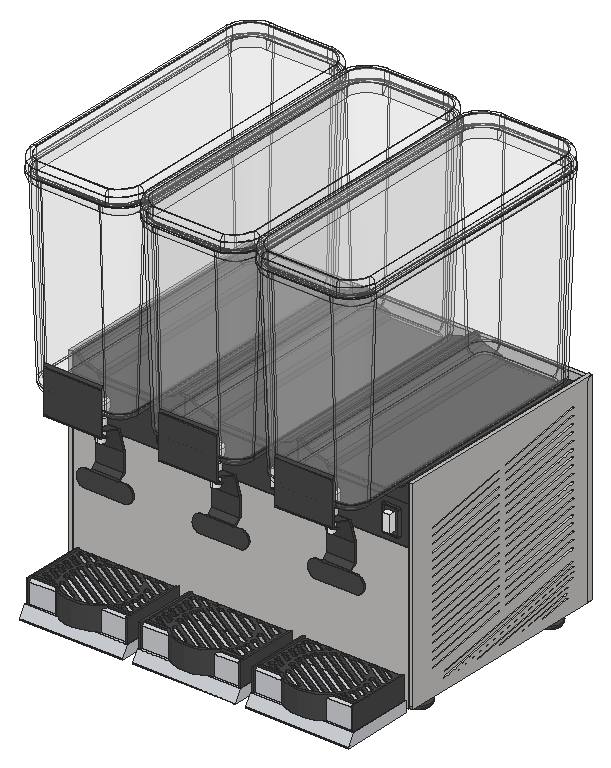
Revit family "QF_Vollrath-VBBE3-37T", category Specialty Equipment, Revit 2018
Family settings
  Round Connector Dimension = Use Diameter
  Part Type = Normal
  Work Plane-Based = No
  Always vertical = Yes
  Cut with Voids When Loaded = Yes
  Shared = No
  Room Calculation Point = No
Parameters (values of type "VBBE3-37-F")
  Weight in Pounds = 83.4
  Watts = 0 W
  Volts = 115 V
  Undercounter Visibility [instance] = no
  Serial Number [instance] = ""
  Refrigerant Type = "R404a"
  Phase = 1
  Model = "VBBE3-37-F"
  Manufacturer = "Vollrath"
  Keynote = ""
  Item Number [instance] = ""
  Installed By = ""
  Foodservice Equipment Identifier = yes
  HP = "-"
  Furnished By = ""
  FL Amps = 8 A
  Electrical Routing [instance] = ""
  Electrical Remarks [instance] = ""
  Electrical Final Connections = ""
  Electric Connection Type = ""
  Elec Conn RI Height = 0"
  Description = "5.28 Gallon Refrigerated Beverage Dispenser"
  Cycle = 60 Hz
  Cost = 0
  Conn Plug = "NEMA 5-15P"
  CSI MasterFormat = ""
  BTUH = 5719.0 Btu/h
  Apparent Power = 0 VA
  Above Counter Visibility [instance] = no
Reference planes (in)
  plane 1 "Unit_Center (F/B)": y = 0
  plane 2: z = 0
  plane 3 "Center of Unit 1 Drip Tray": x = 0
  plane 4 "Right": x = 23.8325
  plane 5 "Left": x = -3.6675
  plane 6 "Rear": y = 10.7576
  plane 7 "Front": y = -7.75
  plane 8 "Top": z = 26.20625
  plane 9 "Base Cabinet Front": y = -3.27362
  plane 10 "Cabinet Base": z = 0.37402
  plane 11 "Top of Cabinet": z = 12.97075
  plane 12 "Top Trim": z = 14.07311
  plane 13 "Clearance Left": x = -9.675
  plane 14 "Clearance Right": x = 17.83125
  plane 15 "Clearance Rear": y = 16.875
  plane 16 "Center of Unit": x = 3.55212
Forms (in)
  Sweep 1, solid, material "QF_Finishes-Clear Plastic"
    path origin (-0.15625, 3.74664, 2.49852) x (1, 0, 0) y (0, 1, 0)
      loop
        line (-2.2551, -11.10622) -> (2.2551, -11.10622)
        arc (2.2551, -11.10622) -> (2.85564, -10.64462) -> (3.17382, -9.95724) r 1.58698
        line (3.17382, -9.95724) -> (3.17382, 5.36453)
        arc (3.17382, 5.36453) -> (2.71278, 6.17327) -> (1.84782, 6.51746) r 1.40778
        line (1.84782, 6.51746) -> (-1.84782, 6.51746)
        arc (-1.84782, 6.51746) -> (-2.71161, 6.17429) -> (-3.17326, 5.36758) r 1.40778
        line (-3.17326, 5.36758) -> (-3.17326, -9.96011)
        arc (-3.17326, -9.96011) -> (-2.85472, -10.64576) -> (-2.2551, -11.10622) r 1.58698
    profile origin (-0.15625, -7.35958, 2.49852) x (0, 1, 0) y (0, 0, 1)
      loop
        line (-0.39475, 22.88102) -> (-0.01824, 22.88102) -> (-0.01824, 23.6765)
        arc (-0.01824, 23.6765) -> (-0.26993, 23.6729) -> (-0.39475, 23.45431) r 0.25381
        line (-0.39475, 23.45431) -> (-0.39475, 22.88102)
  Extrusion 2, solid, material "QF_Finishes-Clear Plastic"
    sketch origin (-0.15625, 3.7403, 1.72576) x (1, 0, 0) y (0, 1, 0)
      loop
        line (-2.15049, -11.11812) -> (2.25892, -11.11812)
        arc (2.25892, -11.11812) -> (2.86473, -10.65608) -> (3.18926, -9.96676) r 1.60522
        line (3.18926, -9.96676) -> (3.18926, 5.42563)
        arc (3.18926, 5.42563) -> (2.86227, 6.21505) -> (2.07284, 6.54204) r 1.11642
        line (2.07284, 6.54204) -> (-2.09748, 6.54204)
        arc (-2.09748, 6.54204) -> (-2.80722, 6.28665) -> (-3.1915, 5.63759) r 1.11388
        line (-3.1915, 5.63759) -> (-3.1915, -9.95554)
        arc (-3.1915, -9.95554) -> (-2.83451, -10.68325) -> (-2.15049, -11.11812) r 1.49663
    from 24.42674 to 24.46291
  Extrusion 3, solid, material "QF_Finishes-Stainless"
    sketch origin (0, 0, 0) x (0, 1, 0) y (0, 0, 1)
      loop
        line (10.7576, 0.80737) -> (10.7576, 13.35433) -> (-3.27362, 13.35433) -> (-3.27362, 0.80737)
        arc (-3.27362, 0.80737) -> (-3.24768, 0.74473) -> (-3.18504, 0.71878) r 0.08858
        line (-3.18504, 0.71878) -> (10.66901, 0.71878)
        arc (10.66901, 0.71878) -> (10.73165, 0.74473) -> (10.7576, 0.80737) r 0.08858
      loop
        line (8.85098, 1.60553) -> (8.83902, 1.67336)
        arc (8.83902, 1.67336) -> (8.80299, 1.6853) -> (8.76503, 1.68493) r 0.11572
        line (8.76503, 1.68493) -> (6.88486, 1.3534)
        arc (6.88486, 1.3534) -> (6.84907, 1.34077) -> (6.81928, 1.31723) r 0.11572
        line (6.81928, 1.31723) -> (6.83124, 1.2494) -> (8.85098, 1.60553)
      loop
        line (8.85098, 1.90536) -> (8.83902, 1.97319)
        arc (8.83902, 1.97319) -> (8.80299, 1.98513) -> (8.76503, 1.98476) r 0.11572
        line (8.76503, 1.98476) -> (5.18444, 1.3534)
        arc (5.18444, 1.3534) -> (5.14864, 1.34077) -> (5.11886, 1.31723) r 0.11572
        line (5.11886, 1.31723) -> (5.13082, 1.2494) -> (8.85098, 1.90536)
      loop
        line (8.85098, 2.20519) -> (8.83902, 2.27302)
        arc (8.83902, 2.27302) -> (8.80299, 2.28496) -> (8.76503, 2.28459) r 0.11572
        line (8.76503, 2.28459) -> (3.48402, 1.3534)
        arc (3.48402, 1.3534) -> (3.44822, 1.34077) -> (3.41843, 1.31723) r 0.11572
        line (3.41843, 1.31723) -> (3.43039, 1.2494) -> (8.85098, 2.20519)
      loop
        line (9.32147, 2.58798) -> (9.30942, 2.65631)
        arc (9.30942, 2.65631) -> (9.27338, 2.66825) -> (9.23542, 2.66788) r 0.11572
        line (9.23542, 2.66788) -> (1.7835, 1.3539)
        arc (1.7835, 1.3539) -> (1.7477, 1.34127) -> (1.71792, 1.31773) r 0.11572
        line (1.71792, 1.31773) -> (1.72997, 1.2494) -> (9.32147, 2.58798)
      loop
        line (9.32147, 2.88782) -> (9.30942, 2.95614)
        arc (9.30942, 2.95614) -> (9.27338, 2.96808) -> (9.23542, 2.96771) r 0.11572
        line (9.23542, 2.96771) -> (0.08308, 1.3539)
        arc (0.08308, 1.3539) -> (0.04728, 1.34127) -> (0.0175, 1.31773) r 0.11572
        line (0.0175, 1.31773) -> (0.02955, 1.2494) -> (9.32147, 2.88782)
      loop
        line (9.32147, 3.18765) -> (9.30942, 3.25598)
        arc (9.30942, 3.25598) -> (9.27338, 3.26791) -> (9.23542, 3.26754) r 0.11572
        line (9.23542, 3.26754) -> (-0.80278, 1.49753)
        arc (-0.80278, 1.49753) -> (-0.83858, 1.4849) -> (-0.86836, 1.46136) r 0.11572
        line (-0.86836, 1.46136) -> (-0.85632, 1.39303) -> (9.32147, 3.18765)
      loop
        line (9.32147, 3.48748) -> (9.30942, 3.55581)
        arc (9.30942, 3.55581) -> (9.27338, 3.56774) -> (9.23542, 3.56737) r 0.11572
        line (9.23542, 3.56737) -> (-0.80278, 1.79736)
        arc (-0.80278, 1.79736) -> (-0.83858, 1.78473) -> (-0.86836, 1.76119) r 0.11572
        line (-0.86836, 1.76119) -> (-0.85632, 1.69286) -> (9.32147, 3.48748)
      loop
        line (9.32185, 4.22424) -> (9.30129, 4.34083)
        arc (9.30129, 4.34083) -> (9.26526, 4.35276) -> (9.22729, 4.35239) r 0.11572
        line (9.22729, 4.35239) -> (4.01542, 3.4334)
        arc (4.01542, 3.4334) -> (3.97963, 3.42076) -> (3.94984, 3.39722) r 0.11572
        line (3.94984, 3.39722) -> (3.9704, 3.28063) -> (9.32185, 4.22424)
      loop
        line (3.58682, 3.213) -> (3.56626, 3.32958)
        arc (3.56626, 3.32958) -> (3.53022, 3.34152) -> (3.49226, 3.34115) r 0.11572
        line (3.49226, 3.34115) -> (-1.71961, 2.42215)
        arc (-1.71961, 2.42215) -> (-1.75541, 2.40952) -> (-1.78519, 2.38598) r 0.11572
        line (-1.78519, 2.38598) -> (-1.76463, 2.26939) -> (3.58682, 3.213)
      loop
        line (9.32185, 4.68766) -> (9.30129, 4.80425)
        arc (9.30129, 4.80425) -> (9.26526, 4.81619) -> (9.22729, 4.81581) r 0.11572
        line (9.22729, 4.81581) -> (4.01542, 3.89682)
        arc (4.01542, 3.89682) -> (3.97963, 3.88419) -> (3.94984, 3.86065) r 0.11572
        line (3.94984, 3.86065) -> (3.9704, 3.74406) -> (9.32185, 4.68766)
      loop
        line (3.58682, 3.67642) -> (3.56626, 3.79301)
        arc (3.56626, 3.79301) -> (3.53022, 3.80494) -> (3.49226, 3.80457) r 0.11572
        line (3.49226, 3.80457) -> (-1.71961, 2.88558)
        arc (-1.71961, 2.88558) -> (-1.75541, 2.87294) -> (-1.78519, 2.8494) r 0.11572
        line (-1.78519, 2.8494) -> (-1.76463, 2.73282) -> (3.58682, 3.67642)
      loop
        line (9.32185, 5.15109) -> (9.30129, 5.26768)
        arc (9.30129, 5.26768) -> (9.26526, 5.27961) -> (9.22729, 5.27924) r 0.11572
        line (9.22729, 5.27924) -> (4.01542, 4.36025)
        arc (4.01542, 4.36025) -> (3.97963, 4.34761) -> (3.94984, 4.32407) r 0.11572
        line (3.94984, 4.32407) -> (3.9704, 4.20748) -> (9.32185, 5.15109)
      loop
        line (3.58682, 4.13985) -> (3.56626, 4.25644)
        arc (3.56626, 4.25644) -> (3.53022, 4.26837) -> (3.49226, 4.268) r 0.11572
        line (3.49226, 4.268) -> (-1.71961, 3.34901)
        arc (-1.71961, 3.34901) -> (-1.75541, 3.33637) -> (-1.78519, 3.31283) r 0.11572
        line (-1.78519, 3.31283) -> (-1.76463, 3.19624) -> (3.58682, 4.13985)
      loop
        line (9.32185, 5.61451) -> (9.30129, 5.7311)
        arc (9.30129, 5.7311) -> (9.26526, 5.74304) -> (9.22729, 5.74267) r 0.11572
        line (9.22729, 5.74267) -> (4.01542, 4.82367)
        arc (4.01542, 4.82367) -> (3.97963, 4.81104) -> (3.94984, 4.7875) r 0.11572
        line (3.94984, 4.7875) -> (3.9704, 4.67091) -> (9.32185, 5.61451)
      loop
        line (3.58682, 4.60327) -> (3.56626, 4.71986)
        arc (3.56626, 4.71986) -> (3.53022, 4.73179) -> (3.49226, 4.73142) r 0.11572
        line (3.49226, 4.73142) -> (-1.71961, 3.81243)
        arc (-1.71961, 3.81243) -> (-1.75541, 3.7998) -> (-1.78519, 3.77626) r 0.11572
        line (-1.78519, 3.77626) -> (-1.76463, 3.65967) -> (3.58682, 4.60327)
      loop
        line (9.32185, 6.07794) -> (9.30129, 6.19453)
        arc (9.30129, 6.19453) -> (9.26526, 6.20646) -> (9.22729, 6.20609) r 0.11572
        line (9.22729, 6.20609) -> (4.01542, 5.2871)
        arc (4.01542, 5.2871) -> (3.97963, 5.27446) -> (3.94984, 5.25092) r 0.11572
        line (3.94984, 5.25092) -> (3.9704, 5.13434) -> (9.32185, 6.07794)
      loop
        line (3.58682, 5.0667) -> (3.56626, 5.18329)
        arc (3.56626, 5.18329) -> (3.53022, 5.19522) -> (3.49226, 5.19485) r 0.11572
        line (3.49226, 5.19485) -> (-1.71961, 4.27586)
        arc (-1.71961, 4.27586) -> (-1.75541, 4.26322) -> (-1.78519, 4.23968) r 0.11572
        line (-1.78519, 4.23968) -> (-1.76463, 4.12309) -> (3.58682, 5.0667)
      loop
        line (9.32185, 6.54137) -> (9.30129, 6.65795)
        arc (9.30129, 6.65795) -> (9.26526, 6.66989) -> (9.22729, 6.66952) r 0.11572
        line (9.22729, 6.66952) -> (4.01542, 5.75052)
        arc (4.01542, 5.75052) -> (3.97963, 5.73789) -> (3.94984, 5.71435) r 0.11572
        line (3.94984, 5.71435) -> (3.9704, 5.59776) -> (9.32185, 6.54137)
      loop
        line (3.58682, 5.53012) -> (3.56626, 5.64671)
        arc (3.56626, 5.64671) -> (3.53022, 5.65864) -> (3.49226, 5.65827) r 0.11572
        line (3.49226, 5.65827) -> (-1.71961, 4.73928)
        arc (-1.71961, 4.73928) -> (-1.75541, 4.72665) -> (-1.78519, 4.70311) r 0.11572
        line (-1.78519, 4.70311) -> (-1.76463, 4.58652) -> (3.58682, 5.53012)
      loop
        line (9.32185, 7.00479) -> (9.30129, 7.12138)
        arc (9.30129, 7.12138) -> (9.26526, 7.13331) -> (9.22729, 7.13294) r 0.11572
        line (9.22729, 7.13294) -> (4.01542, 6.21395)
        arc (4.01542, 6.21395) -> (3.97963, 6.20131) -> (3.94984, 6.17777) r 0.11572
        line (3.94984, 6.17777) -> (3.9704, 6.06119) -> (9.32185, 7.00479)
      loop
        line (3.58682, 5.99355) -> (3.56626, 6.11014)
        arc (3.56626, 6.11014) -> (3.53022, 6.12207) -> (3.49226, 6.1217) r 0.11572
        line (3.49226, 6.1217) -> (-1.71961, 5.20271)
        arc (-1.71961, 5.20271) -> (-1.75541, 5.19007) -> (-1.78519, 5.16653) r 0.11572
        line (-1.78519, 5.16653) -> (-1.76463, 5.04994) -> (3.58682, 5.99355)
      loop
        line (9.32185, 7.46822) -> (9.30129, 7.5848)
        arc (9.30129, 7.5848) -> (9.26526, 7.59674) -> (9.22729, 7.59637) r 0.11572
        line (9.22729, 7.59637) -> (4.01542, 6.67737)
        arc (4.01542, 6.67737) -> (3.97963, 6.66474) -> (3.94984, 6.6412) r 0.11572
        line (3.94984, 6.6412) -> (3.9704, 6.52461) -> (9.32185, 7.46822)
      loop
        line (3.58682, 6.45697) -> (3.56626, 6.57356)
        arc (3.56626, 6.57356) -> (3.53022, 6.5855) -> (3.49226, 6.58512) r 0.11572
        line (3.49226, 6.58512) -> (-1.71961, 5.66613)
        arc (-1.71961, 5.66613) -> (-1.75541, 5.6535) -> (-1.78519, 5.62996) r 0.11572
        line (-1.78519, 5.62996) -> (-1.76463, 5.51337) -> (3.58682, 6.45697)
      loop
        line (9.32185, 7.93164) -> (9.30129, 8.04823)
        arc (9.30129, 8.04823) -> (9.26526, 8.06016) -> (9.22729, 8.05979) r 0.11572
        line (9.22729, 8.05979) -> (4.01542, 7.1408)
        arc (4.01542, 7.1408) -> (3.97963, 7.12816) -> (3.94984, 7.10462) r 0.11572
        line (3.94984, 7.10462) -> (3.9704, 6.98804) -> (9.32185, 7.93164)
      loop
        line (3.58682, 6.9204) -> (3.56626, 7.03699)
        arc (3.56626, 7.03699) -> (3.53022, 7.04892) -> (3.49226, 7.04855) r 0.11572
        line (3.49226, 7.04855) -> (-1.71961, 6.12956)
        arc (-1.71961, 6.12956) -> (-1.75541, 6.11692) -> (-1.78519, 6.09338) r 0.11572
        line (-1.78519, 6.09338) -> (-1.76463, 5.97679) -> (3.58682, 6.9204)
      loop
        line (9.32185, 8.39507) -> (9.30129, 8.51165)
        arc (9.30129, 8.51165) -> (9.26526, 8.52359) -> (9.22729, 8.52322) r 0.11572
        line (9.22729, 8.52322) -> (4.01542, 7.60422)
        arc (4.01542, 7.60422) -> (3.97963, 7.59159) -> (3.94984, 7.56805) r 0.11572
        line (3.94984, 7.56805) -> (3.9704, 7.45146) -> (9.32185, 8.39507)
      loop
        line (3.58682, 7.38382) -> (3.56626, 7.50041)
        arc (3.56626, 7.50041) -> (3.53022, 7.51235) -> (3.49226, 7.51198) r 0.11572
        line (3.49226, 7.51198) -> (-1.71961, 6.59298)
        arc (-1.71961, 6.59298) -> (-1.75541, 6.58035) -> (-1.78519, 6.55681) r 0.11572
        line (-1.78519, 6.55681) -> (-1.76463, 6.44022) -> (3.58682, 7.38382)
      loop
        line (9.32185, 8.85849) -> (9.30129, 8.97508)
        arc (9.30129, 8.97508) -> (9.26526, 8.98701) -> (9.22729, 8.98664) r 0.11572
        line (9.22729, 8.98664) -> (4.01542, 8.06765)
        arc (4.01542, 8.06765) -> (3.97963, 8.05501) -> (3.94984, 8.03147) r 0.11572
        line (3.94984, 8.03147) -> (3.9704, 7.91489) -> (9.32185, 8.85849)
      loop
        line (3.58682, 7.84725) -> (3.56626, 7.96384)
        arc (3.56626, 7.96384) -> (3.53022, 7.97577) -> (3.49226, 7.9754) r 0.11572
        line (3.49226, 7.9754) -> (-1.71961, 7.05641)
        arc (-1.71961, 7.05641) -> (-1.75541, 7.04377) -> (-1.78519, 7.02023) r 0.11572
        line (-1.78519, 7.02023) -> (-1.76463, 6.90364) -> (3.58682, 7.84725)
      loop
        line (9.32185, 9.32192) -> (9.30129, 9.4385)
        arc (9.30129, 9.4385) -> (9.26526, 9.45044) -> (9.22729, 9.45007) r 0.11572
        line (9.22729, 9.45007) -> (4.01542, 8.53107)
        arc (4.01542, 8.53107) -> (3.97963, 8.51844) -> (3.94984, 8.4949) r 0.11572
        line (3.94984, 8.4949) -> (3.9704, 8.37831) -> (9.32185, 9.32192)
      loop
        line (3.58682, 8.31068) -> (3.56626, 8.42726)
        arc (3.56626, 8.42726) -> (3.53022, 8.4392) -> (3.49226, 8.43883) r 0.11572
        line (3.49226, 8.43883) -> (-1.71961, 7.51983)
        arc (-1.71961, 7.51983) -> (-1.75541, 7.5072) -> (-1.78519, 7.48366) r 0.11572
        line (-1.78519, 7.48366) -> (-1.76463, 7.36707) -> (3.58682, 8.31068)
      loop
        line (9.32185, 9.78534) -> (9.30129, 9.90193)
        arc (9.30129, 9.90193) -> (9.26526, 9.91386) -> (9.22729, 9.91349) r 0.11572
        line (9.22729, 9.91349) -> (4.01542, 8.9945)
        arc (4.01542, 8.9945) -> (3.97963, 8.98186) -> (3.94984, 8.95832) r 0.11572
        line (3.94984, 8.95832) -> (3.9704, 8.84174) -> (9.32185, 9.78534)
      loop
        line (3.58682, 8.7741) -> (3.56626, 8.89069)
        arc (3.56626, 8.89069) -> (3.53022, 8.90262) -> (3.49226, 8.90225) r 0.11572
        line (3.49226, 8.90225) -> (-1.71961, 7.98326)
        arc (-1.71961, 7.98326) -> (-1.75541, 7.97062) -> (-1.78519, 7.94708) r 0.11572
        line (-1.78519, 7.94708) -> (-1.76463, 7.8305) -> (3.58682, 8.7741)
      loop
        line (9.32185, 10.24877) -> (9.30129, 10.36535)
        arc (9.30129, 10.36535) -> (9.26526, 10.37729) -> (9.22729, 10.37692) r 0.11572
        line (9.22729, 10.37692) -> (4.01542, 9.45792)
        arc (4.01542, 9.45792) -> (3.97963, 9.44529) -> (3.94984, 9.42175) r 0.11572
        line (3.94984, 9.42175) -> (3.9704, 9.30516) -> (9.32185, 10.24877)
      loop
        line (3.58682, 9.23753) -> (3.56626, 9.35411)
        arc (3.56626, 9.35411) -> (3.53022, 9.36605) -> (3.49226, 9.36568) r 0.11572
        line (3.49226, 9.36568) -> (-1.71961, 8.44668)
        arc (-1.71961, 8.44668) -> (-1.75541, 8.43405) -> (-1.78519, 8.41051) r 0.11572
        line (-1.78519, 8.41051) -> (-1.76463, 8.29392) -> (3.58682, 9.23753)
      loop
        line (9.32185, 10.71219) -> (9.30129, 10.82878)
        arc (9.30129, 10.82878) -> (9.26526, 10.84071) -> (9.22729, 10.84034) r 0.11572
        line (9.22729, 10.84034) -> (4.01542, 9.92135)
        arc (4.01542, 9.92135) -> (3.97963, 9.90871) -> (3.94984, 9.88517) r 0.11572
        line (3.94984, 9.88517) -> (3.9704, 9.76859) -> (9.32185, 10.71219)
      loop
        line (3.58682, 9.70095) -> (3.56626, 9.81754)
        arc (3.56626, 9.81754) -> (3.53022, 9.82947) -> (3.49226, 9.8291) r 0.11572
        line (3.49226, 9.8291) -> (-1.71961, 8.91011)
        arc (-1.71961, 8.91011) -> (-1.75541, 8.89747) -> (-1.78519, 8.87393) r 0.11572
        line (-1.78519, 8.87393) -> (-1.76463, 8.75735) -> (3.58682, 9.70095)
      loop
        line (9.32185, 11.17562) -> (9.30129, 11.2922)
        arc (9.30129, 11.2922) -> (9.26526, 11.30414) -> (9.22729, 11.30377) r 0.11572
        line (9.22729, 11.30377) -> (4.01542, 10.38477)
        arc (4.01542, 10.38477) -> (3.97963, 10.37214) -> (3.94984, 10.3486) r 0.11572
        line (3.94984, 10.3486) -> (3.9704, 10.23201) -> (9.32185, 11.17562)
      loop
        line (3.58682, 10.16438) -> (3.56626, 10.28096)
        arc (3.56626, 10.28096) -> (3.53022, 10.2929) -> (3.49226, 10.29253) r 0.11572
        line (3.49226, 10.29253) -> (-1.71961, 9.37353)
        arc (-1.71961, 9.37353) -> (-1.75541, 9.3609) -> (-1.78519, 9.33736) r 0.11572
        line (-1.78519, 9.33736) -> (-1.76463, 9.22077) -> (3.58682, 10.16438)
      loop
        line (9.32185, 11.63904) -> (9.30129, 11.75563)
        arc (9.30129, 11.75563) -> (9.26526, 11.76756) -> (9.22729, 11.76719) r 0.11572
        line (9.22729, 11.76719) -> (4.01542, 10.8482)
        arc (4.01542, 10.8482) -> (3.97963, 10.83556) -> (3.94984, 10.81202) r 0.11572
        line (3.94984, 10.81202) -> (3.9704, 10.69544) -> (9.32185, 11.63904)
      loop
        line (3.58682, 10.6278) -> (3.56626, 10.74439)
        arc (3.56626, 10.74439) -> (3.53022, 10.75632) -> (3.49226, 10.75595) r 0.11572
        line (3.49226, 10.75595) -> (-1.71961, 9.83696)
        arc (-1.71961, 9.83696) -> (-1.75541, 9.82432) -> (-1.78519, 9.80078) r 0.11572
        line (-1.78519, 9.80078) -> (-1.76463, 9.6842) -> (3.58682, 10.6278)
      loop
        line (9.32185, 12.10307) -> (9.30129, 12.21966)
        arc (9.30129, 12.21966) -> (9.26526, 12.23159) -> (9.22729, 12.23122) r 0.11572
        line (9.22729, 12.23122) -> (4.01542, 11.31223)
        arc (4.01542, 11.31223) -> (3.97963, 11.29959) -> (3.94984, 11.27605) r 0.11572
        line (3.94984, 11.27605) -> (3.9704, 11.15947) -> (9.32185, 12.10307)
      loop
        line (3.58682, 11.09183) -> (3.56626, 11.20842)
        arc (3.56626, 11.20842) -> (3.53022, 11.22035) -> (3.49226, 11.21998) r 0.11572
        line (3.49226, 11.21998) -> (-1.71961, 10.30099)
        arc (-1.71961, 10.30099) -> (-1.75541, 10.28835) -> (-1.78519, 10.26481) r 0.11572
        line (-1.78519, 10.26481) -> (-1.76463, 10.14822) -> (3.58682, 11.09183)
    from -3.6675 to -3.46457
  Extrusion 4, solid, material "QF_Finishes-Black Plastic"
    sketch origin (0, 0, 0) x (1, 0, 0) y (0, 0, 1)
      loop
        line (-3.55, 9.73814) -> (3.55, 9.73814) -> (3.55, 13.26725) -> (3.22835, 13.26725)
        arc (3.22835, 13.26725) -> (3.13884, 13.24576) -> (3.06885, 13.18598) r 0.19715
        arc (3.06885, 13.18598) -> (3.03916, 13.13968) -> (3.00315, 13.0981) r 0.3838
        arc (3.00315, 13.0981) -> (2.87095, 12.99666) -> (2.717, 12.93289) r 0.63833
        line (2.717, 12.93289) -> (1.86181, 12.70374)
        arc (1.86181, 12.70374) -> (1.74573, 12.63647) -> (1.67922, 12.51995) r 0.2576
        line (1.67922, 12.51995) -> (-1.67922, 12.51995)
        arc (-1.67922, 12.51995) -> (-1.74573, 12.63647) -> (-1.86181, 12.70374) r 0.2576
        line (-1.86181, 12.70374) -> (-2.717, 12.93289)
        arc (-2.717, 12.93289) -> (-2.87095, 12.99666) -> (-3.00315, 13.0981) r 0.63833
        arc (-3.00315, 13.0981) -> (-3.03916, 13.13968) -> (-3.06885, 13.18598) r 0.3838
        arc (-3.06885, 13.18598) -> (-3.13884, 13.24576) -> (-3.22835, 13.26725) r 0.19715
        line (-3.22835, 13.26725) -> (-3.55, 13.26725) -> (-3.55, 9.73814)
    from 3.12402 to 3.27362
  Extrusion 5, solid, material "QF_Finishes-Stainless"
    sketch origin (0, 0, 0) x (1, 0, 0) y (0, 0, 1)
      loop
        line (-3.46457, 0.68898) -> (17.62832, 0.68898) -> (17.62832, 9.73814) -> (-3.46457, 9.73814) -> (-3.46457, 0.68898)
    from 3.12402 to 3.27362
  Extrusion 6, solid, material "QF_Finishes-Stainless"
    sketch origin (0, 0, 0) x (1, 0, 0) y (0, 0, 1)
      loop
        line (-3.6675, 0.71878) -> (17.83125, 0.71878) -> (17.83125, 13.26725) -> (-3.6675, 13.26725) -> (-3.6675, 0.71878)
      loop
        line (2.75362, 2.08631) -> (2.75362, 2.13404) -> (2.63501, 2.23715)
        arc (2.63501, 2.23715) -> (2.60199, 2.25254) -> (2.56595, 2.25782) r 0.12567
        line (2.56595, 2.25782) -> (-2.37374, 2.25782)
        arc (-2.37374, 2.25782) -> (-2.40979, 2.25254) -> (-2.44281, 2.23715) r 0.12567
        line (-2.44281, 2.23715) -> (-2.56142, 2.13404) -> (-2.56142, 2.08631) -> (2.75362, 2.08631)
      loop
        line (2.75362, 2.46032) -> (2.75362, 2.50806) -> (2.63501, 2.61116)
        arc (2.63501, 2.61116) -> (2.60199, 2.62656) -> (2.56595, 2.63184) r 0.12567
        line (2.56595, 2.63184) -> (-2.37374, 2.63184)
        arc (-2.37374, 2.63184) -> (-2.40979, 2.62656) -> (-2.44281, 2.61116) r 0.12567
        line (-2.44281, 2.61116) -> (-2.56142, 2.50806) -> (-2.56142, 2.46032) -> (2.75362, 2.46032)
      loop
        line (2.75362, 2.83434) -> (2.75362, 2.88207) -> (2.63501, 2.98518)
        arc (2.63501, 2.98518) -> (2.60199, 3.00058) -> (2.56595, 3.00586) r 0.12567
        line (2.56595, 3.00586) -> (-2.37374, 3.00586)
        arc (-2.37374, 3.00586) -> (-2.40979, 3.00058) -> (-2.44281, 2.98518) r 0.12567
        line (-2.44281, 2.98518) -> (-2.56142, 2.88207) -> (-2.56142, 2.83434) -> (2.75362, 2.83434)
      loop
        line (2.75362, 3.20835) -> (2.75362, 3.25609) -> (2.63501, 3.35919)
        arc (2.63501, 3.35919) -> (2.60199, 3.37459) -> (2.56595, 3.37987) r 0.12567
        line (2.56595, 3.37987) -> (-2.37374, 3.37987)
        arc (-2.37374, 3.37987) -> (-2.40979, 3.37459) -> (-2.44281, 3.35919) r 0.12567
        line (-2.44281, 3.35919) -> (-2.56142, 3.25609) -> (-2.56142, 3.20835) -> (2.75362, 3.20835)
      loop
        line (2.75362, 3.58237) -> (2.75362, 3.6301) -> (2.63501, 3.73321)
        arc (2.63501, 3.73321) -> (2.60199, 3.74861) -> (2.56595, 3.75389) r 0.12567
        line (2.56595, 3.75389) -> (-2.37374, 3.75389)
        arc (-2.37374, 3.75389) -> (-2.40979, 3.74861) -> (-2.44281, 3.73321) r 0.12567
        line (-2.44281, 3.73321) -> (-2.56142, 3.6301) -> (-2.56142, 3.58237) -> (2.75362, 3.58237)
      loop
        line (2.75362, 3.95639) -> (2.75362, 4.00412) -> (2.63501, 4.10722)
        arc (2.63501, 4.10722) -> (2.60199, 4.12262) -> (2.56595, 4.1279) r 0.12567
        line (2.56595, 4.1279) -> (-2.37374, 4.1279)
        arc (-2.37374, 4.1279) -> (-2.40979, 4.12262) -> (-2.44281, 4.10722) r 0.12567
        line (-2.44281, 4.10722) -> (-2.56142, 4.00412) -> (-2.56142, 3.95639) -> (2.75362, 3.95639)
      loop
        line (2.75362, 4.3304) -> (2.75362, 4.37813) -> (2.63501, 4.48124)
        arc (2.63501, 4.48124) -> (2.60199, 4.49664) -> (2.56595, 4.50192) r 0.12567
        line (2.56595, 4.50192) -> (-2.37374, 4.50192)
        arc (-2.37374, 4.50192) -> (-2.40979, 4.49664) -> (-2.44281, 4.48124) r 0.12567
        line (-2.44281, 4.48124) -> (-2.56142, 4.37813) -> (-2.56142, 4.3304) -> (2.75362, 4.3304)
      loop
        line (2.75362, 4.70442) -> (2.75362, 4.75215) -> (2.63501, 4.85526)
        arc (2.63501, 4.85526) -> (2.60199, 4.87065) -> (2.56595, 4.87594) r 0.12567
        line (2.56595, 4.87594) -> (-2.37374, 4.87594)
        arc (-2.37374, 4.87594) -> (-2.40979, 4.87065) -> (-2.44281, 4.85526) r 0.12567
        line (-2.44281, 4.85526) -> (-2.56142, 4.75215) -> (-2.56142, 4.70442) -> (2.75362, 4.70442)
      loop
        line (2.75362, 5.07843) -> (2.75362, 5.12617) -> (2.63501, 5.22927)
        arc (2.63501, 5.22927) -> (2.60199, 5.24467) -> (2.56595, 5.24995) r 0.12567
        line (2.56595, 5.24995) -> (-2.37374, 5.24995)
        arc (-2.37374, 5.24995) -> (-2.40979, 5.24467) -> (-2.44281, 5.22927) r 0.12567
        line (-2.44281, 5.22927) -> (-2.56142, 5.12617) -> (-2.56142, 5.07843) -> (2.75362, 5.07843)
      loop
        line (2.75362, 5.45245) -> (2.75362, 5.50018) -> (2.63501, 5.60329)
        arc (2.63501, 5.60329) -> (2.60199, 5.61869) -> (2.56595, 5.62397) r 0.12567
        line (2.56595, 5.62397) -> (-2.37374, 5.62397)
        arc (-2.37374, 5.62397) -> (-2.40979, 5.61869) -> (-2.44281, 5.60329) r 0.12567
        line (-2.44281, 5.60329) -> (-2.56142, 5.50018) -> (-2.56142, 5.45245) -> (2.75362, 5.45245)
      loop
        line (2.75362, 5.82646) -> (2.75362, 5.8742) -> (2.63501, 5.9773)
        arc (2.63501, 5.9773) -> (2.60199, 5.9927) -> (2.56595, 5.99798) r 0.12567
        line (2.56595, 5.99798) -> (-2.37374, 5.99798)
        arc (-2.37374, 5.99798) -> (-2.40979, 5.9927) -> (-2.44281, 5.9773) r 0.12567
        line (-2.44281, 5.9773) -> (-2.56142, 5.8742) -> (-2.56142, 5.82646) -> (2.75362, 5.82646)
      loop
        line (2.75362, 6.20048) -> (2.75362, 6.24821) -> (2.63501, 6.35132)
        arc (2.63501, 6.35132) -> (2.60199, 6.36672) -> (2.56595, 6.372) r 0.12567
        line (2.56595, 6.372) -> (-2.37374, 6.372)
        arc (-2.37374, 6.372) -> (-2.40979, 6.36672) -> (-2.44281, 6.35132) r 0.12567
        line (-2.44281, 6.35132) -> (-2.56142, 6.24821) -> (-2.56142, 6.20048) -> (2.75362, 6.20048)
      loop
        line (2.75362, 6.5745) -> (2.75362, 6.62223) -> (2.63501, 6.72534)
        arc (2.63501, 6.72534) -> (2.60199, 6.74073) -> (2.56595, 6.74601) r 0.12567
        line (2.56595, 6.74601) -> (-2.37374, 6.74601)
        arc (-2.37374, 6.74601) -> (-2.40979, 6.74073) -> (-2.44281, 6.72534) r 0.12567
        line (-2.44281, 6.72534) -> (-2.56142, 6.62223) -> (-2.56142, 6.5745) -> (2.75362, 6.5745)
      loop
        line (2.75362, 6.94851) -> (2.75362, 6.99625) -> (2.63501, 7.09935)
        arc (2.63501, 7.09935) -> (2.60199, 7.11475) -> (2.56595, 7.12003) r 0.12567
        line (2.56595, 7.12003) -> (-2.37374, 7.12003)
        arc (-2.37374, 7.12003) -> (-2.40979, 7.11475) -> (-2.44281, 7.09935) r 0.12567
        line (-2.44281, 7.09935) -> (-2.56142, 6.99625) -> (-2.56142, 6.94851) -> (2.75362, 6.94851)
      loop
        line (2.75362, 7.32253) -> (2.75362, 7.37026) -> (2.63501, 7.47337)
        arc (2.63501, 7.47337) -> (2.60199, 7.48876) -> (2.56595, 7.49405) r 0.12567
        line (2.56595, 7.49405) -> (-2.37374, 7.49405)
        arc (-2.37374, 7.49405) -> (-2.40979, 7.48876) -> (-2.44281, 7.47337) r 0.12567
        line (-2.44281, 7.47337) -> (-2.56142, 7.37026) -> (-2.56142, 7.32253) -> (2.75362, 7.32253)
      loop
        line (2.75362, 7.69654) -> (2.75362, 7.74428) -> (2.63501, 7.84738)
        arc (2.63501, 7.84738) -> (2.60199, 7.86278) -> (2.56595, 7.86806) r 0.12567
        line (2.56595, 7.86806) -> (-2.37374, 7.86806)
        arc (-2.37374, 7.86806) -> (-2.40979, 7.86278) -> (-2.44281, 7.84738) r 0.12567
        line (-2.44281, 7.84738) -> (-2.56142, 7.74428) -> (-2.56142, 7.69654) -> (2.75362, 7.69654)
      loop
        line (2.75362, 8.07056) -> (2.75362, 8.11829) -> (2.63501, 8.2214)
        arc (2.63501, 8.2214) -> (2.60199, 8.2368) -> (2.56595, 8.24208) r 0.12567
        line (2.56595, 8.24208) -> (-2.37374, 8.24208)
        arc (-2.37374, 8.24208) -> (-2.40979, 8.2368) -> (-2.44281, 8.2214) r 0.12567
        line (-2.44281, 8.2214) -> (-2.56142, 8.11829) -> (-2.56142, 8.07056) -> (2.75362, 8.07056)
      loop
        line (2.75362, 8.44457) -> (2.75362, 8.49231) -> (2.63501, 8.59541)
        arc (2.63501, 8.59541) -> (2.60199, 8.61081) -> (2.56595, 8.61609) r 0.12567
        line (2.56595, 8.61609) -> (-2.37374, 8.61609)
        arc (-2.37374, 8.61609) -> (-2.40979, 8.61081) -> (-2.44281, 8.59541) r 0.12567
        line (-2.44281, 8.59541) -> (-2.56142, 8.49231) -> (-2.56142, 8.44457) -> (2.75362, 8.44457)
      loop
        line (2.75362, 8.81859) -> (2.75362, 8.86632) -> (2.63501, 8.96943)
        arc (2.63501, 8.96943) -> (2.60199, 8.98483) -> (2.56595, 8.99011) r 0.12567
        line (2.56595, 8.99011) -> (-2.37374, 8.99011)
        arc (-2.37374, 8.99011) -> (-2.40979, 8.98483) -> (-2.44281, 8.96943) r 0.12567
        line (-2.44281, 8.96943) -> (-2.56142, 8.86632) -> (-2.56142, 8.81859) -> (2.75362, 8.81859)
      loop
        line (2.75362, 9.19261) -> (2.75362, 9.24034) -> (2.63501, 9.34345)
        arc (2.63501, 9.34345) -> (2.60199, 9.35884) -> (2.56595, 9.36412) r 0.12567
        line (2.56595, 9.36412) -> (-2.37367, 9.36412)
        arc (-2.37367, 9.36412) -> (-2.40971, 9.35884) -> (-2.44273, 9.34345) r 0.12567
        line (-2.44273, 9.34345) -> (-2.56134, 9.24034) -> (-2.56134, 9.19261) -> (2.75362, 9.19261)
      loop
        line (2.75362, 9.56662) -> (2.75362, 9.61436) -> (2.63501, 9.71746)
        arc (2.63501, 9.71746) -> (2.60199, 9.73286) -> (2.56595, 9.73814) r 0.12567
        line (2.56595, 9.73814) -> (-2.37374, 9.73814)
        arc (-2.37374, 9.73814) -> (-2.40979, 9.73286) -> (-2.44281, 9.71746) r 0.12567
        line (-2.44281, 9.71746) -> (-2.56142, 9.61436) -> (-2.56142, 9.56662) -> (2.75362, 9.56662)
      loop
        line (2.75362, 9.94064) -> (2.75362, 9.98837) -> (2.63501, 10.09148)
        arc (2.63501, 10.09148) -> (2.60199, 10.10687) -> (2.56595, 10.11216) r 0.12567
        line (2.56595, 10.11216) -> (-2.37374, 10.11216)
        arc (-2.37374, 10.11216) -> (-2.40979, 10.10687) -> (-2.44281, 10.09148) r 0.12567
        line (-2.44281, 10.09148) -> (-2.56142, 9.98837) -> (-2.56142, 9.94064) -> (2.75362, 9.94064)
      loop
        line (2.75362, 10.31465) -> (2.75362, 10.36239) -> (2.63501, 10.46549)
        arc (2.63501, 10.46549) -> (2.60199, 10.48089) -> (2.56595, 10.48617) r 0.12567
        line (2.56595, 10.48617) -> (-2.37374, 10.48617)
        arc (-2.37374, 10.48617) -> (-2.40979, 10.48089) -> (-2.44281, 10.46549) r 0.12567
        line (-2.44281, 10.46549) -> (-2.56142, 10.36239) -> (-2.56142, 10.31465) -> (2.75362, 10.31465)
      loop
        line (2.75362, 10.68867) -> (2.75362, 10.7364) -> (2.63501, 10.83951)
        arc (2.63501, 10.83951) -> (2.60199, 10.85491) -> (2.56595, 10.86019) r 0.12567
        line (2.56595, 10.86019) -> (-2.37374, 10.86019)
        arc (-2.37374, 10.86019) -> (-2.40979, 10.85491) -> (-2.44281, 10.83951) r 0.12567
        line (-2.44281, 10.83951) -> (-2.56142, 10.7364) -> (-2.56142, 10.68867) -> (2.75362, 10.68867)
      loop
        line (2.75362, 11.06268) -> (2.75362, 11.11042) -> (2.63501, 11.21352)
        arc (2.63501, 11.21352) -> (2.60199, 11.22892) -> (2.56595, 11.2342) r 0.12567
        line (2.56595, 11.2342) -> (-2.37374, 11.2342)
        arc (-2.37374, 11.2342) -> (-2.40979, 11.22892) -> (-2.44281, 11.21352) r 0.12567
        line (-2.44281, 11.21352) -> (-2.56142, 11.11042) -> (-2.56142, 11.06268) -> (2.75362, 11.06268)
      loop
        line (2.75362, 11.4367) -> (2.75362, 11.48443) -> (2.63501, 11.58754)
        arc (2.63501, 11.58754) -> (2.60199, 11.60294) -> (2.56595, 11.60822) r 0.12567
        line (2.56595, 11.60822) -> (-2.37374, 11.60822)
        arc (-2.37374, 11.60822) -> (-2.40979, 11.60294) -> (-2.44281, 11.58754) r 0.12567
        line (-2.44281, 11.58754) -> (-2.56142, 11.48443) -> (-2.56142, 11.4367) -> (2.75362, 11.4367)
      loop
        line (2.75362, 11.81072) -> (2.75362, 11.85845) -> (2.63501, 11.96156)
        arc (2.63501, 11.96156) -> (2.60199, 11.97695) -> (2.56595, 11.98223) r 0.12567
        line (2.56595, 11.98223) -> (-2.37374, 11.98223)
        arc (-2.37374, 11.98223) -> (-2.40979, 11.97695) -> (-2.44281, 11.96156) r 0.12567
        line (-2.44281, 11.96156) -> (-2.56142, 11.85845) -> (-2.56142, 11.81072) -> (2.75362, 11.81072)
      loop
        line (2.75362, 12.18473) -> (2.75362, 12.23247) -> (2.63501, 12.33557)
        arc (2.63501, 12.33557) -> (2.60199, 12.35097) -> (2.56595, 12.35625) r 0.12567
        line (2.56595, 12.35625) -> (-2.37367, 12.35625)
        arc (-2.37367, 12.35625) -> (-2.40971, 12.35097) -> (-2.44273, 12.33557) r 0.12567
        line (-2.44273, 12.33557) -> (-2.56134, 12.23247) -> (-2.56134, 12.18473) -> (2.75362, 12.18473)
      loop
        line (4.42875, 2.08631) -> (9.74378, 2.08631) -> (9.74378, 2.13404) -> (9.62517, 2.23715)
        arc (9.62517, 2.23715) -> (9.59216, 2.25254) -> (9.55611, 2.25782) r 0.12567
        line (9.55611, 2.25782) -> (4.61642, 2.25782)
        arc (4.61642, 2.25782) -> (4.58037, 2.25254) -> (4.54736, 2.23715) r 0.12567
        line (4.54736, 2.23715) -> (4.42875, 2.13404) -> (4.42875, 2.08631)
      loop
        line (4.42875, 2.46032) -> (9.74378, 2.46032) -> (9.74378, 2.50806) -> (9.62517, 2.61116)
        arc (9.62517, 2.61116) -> (9.59216, 2.62656) -> (9.55611, 2.63184) r 0.12567
        line (9.55611, 2.63184) -> (4.61642, 2.63184)
        arc (4.61642, 2.63184) -> (4.58037, 2.62656) -> (4.54736, 2.61116) r 0.12567
        line (4.54736, 2.61116) -> (4.42875, 2.50806) -> (4.42875, 2.46032)
      loop
        line (4.42875, 2.83434) -> (9.74378, 2.83434) -> (9.74378, 2.88207) -> (9.62517, 2.98518)
        arc (9.62517, 2.98518) -> (9.59216, 3.00058) -> (9.55611, 3.00586) r 0.12567
        line (9.55611, 3.00586) -> (4.61642, 3.00586)
        arc (4.61642, 3.00586) -> (4.58037, 3.00058) -> (4.54736, 2.98518) r 0.12567
        line (4.54736, 2.98518) -> (4.42875, 2.88207) -> (4.42875, 2.83434)
      loop
        line (4.42875, 3.20835) -> (9.74378, 3.20835) -> (9.74378, 3.25609) -> (9.62517, 3.35919)
        arc (9.62517, 3.35919) -> (9.59216, 3.37459) -> (9.55611, 3.37987) r 0.12567
        line (9.55611, 3.37987) -> (4.61642, 3.37987)
        arc (4.61642, 3.37987) -> (4.58037, 3.37459) -> (4.54736, 3.35919) r 0.12567
        line (4.54736, 3.35919) -> (4.42875, 3.25609) -> (4.42875, 3.20835)
      loop
        line (4.42875, 3.58237) -> (9.74378, 3.58237) -> (9.74378, 3.6301) -> (9.62517, 3.73321)
        arc (9.62517, 3.73321) -> (9.59216, 3.74861) -> (9.55611, 3.75389) r 0.12567
        line (9.55611, 3.75389) -> (4.61642, 3.75389)
        arc (4.61642, 3.75389) -> (4.58037, 3.74861) -> (4.54736, 3.73321) r 0.12567
        line (4.54736, 3.73321) -> (4.42875, 3.6301) -> (4.42875, 3.58237)
      loop
        line (4.42875, 3.95639) -> (9.74378, 3.95639) -> (9.74378, 4.00412) -> (9.62517, 4.10722)
        arc (9.62517, 4.10722) -> (9.59216, 4.12262) -> (9.55611, 4.1279) r 0.12567
        line (9.55611, 4.1279) -> (4.61642, 4.1279)
        arc (4.61642, 4.1279) -> (4.58037, 4.12262) -> (4.54736, 4.10722) r 0.12567
        line (4.54736, 4.10722) -> (4.42875, 4.00412) -> (4.42875, 3.95639)
      loop
        line (4.42875, 4.3304) -> (9.74378, 4.3304) -> (9.74378, 4.37813) -> (9.62517, 4.48124)
        arc (9.62517, 4.48124) -> (9.59216, 4.49664) -> (9.55611, 4.50192) r 0.12567
        line (9.55611, 4.50192) -> (4.61642, 4.50192)
        arc (4.61642, 4.50192) -> (4.58037, 4.49664) -> (4.54736, 4.48124) r 0.12567
        line (4.54736, 4.48124) -> (4.42875, 4.37813) -> (4.42875, 4.3304)
      loop
        line (4.42875, 4.70442) -> (9.74378, 4.70442) -> (9.74378, 4.75215) -> (9.62517, 4.85526)
        arc (9.62517, 4.85526) -> (9.59216, 4.87065) -> (9.55611, 4.87594) r 0.12567
        line (9.55611, 4.87594) -> (4.61642, 4.87594)
        arc (4.61642, 4.87594) -> (4.58037, 4.87065) -> (4.54736, 4.85526) r 0.12567
        line (4.54736, 4.85526) -> (4.42875, 4.75215) -> (4.42875, 4.70442)
      loop
        line (4.42875, 5.07843) -> (9.74378, 5.07843) -> (9.74378, 5.12617) -> (9.62517, 5.22927)
        arc (9.62517, 5.22927) -> (9.59216, 5.24467) -> (9.55611, 5.24995) r 0.12567
        line (9.55611, 5.24995) -> (4.61642, 5.24995)
        arc (4.61642, 5.24995) -> (4.58037, 5.24467) -> (4.54736, 5.22927) r 0.12567
        line (4.54736, 5.22927) -> (4.42875, 5.12617) -> (4.42875, 5.07843)
      loop
        line (4.42875, 5.45245) -> (9.74378, 5.45245) -> (9.74378, 5.50018) -> (9.62517, 5.60329)
        arc (9.62517, 5.60329) -> (9.59216, 5.61869) -> (9.55611, 5.62397) r 0.12567
        line (9.55611, 5.62397) -> (4.61642, 5.62397)
        arc (4.61642, 5.62397) -> (4.58037, 5.61869) -> (4.54736, 5.60329) r 0.12567
        line (4.54736, 5.60329) -> (4.42875, 5.50018) -> (4.42875, 5.45245)
      loop
        line (4.42875, 5.82646) -> (9.74378, 5.82646) -> (9.74378, 5.8742) -> (9.62517, 5.9773)
        arc (9.62517, 5.9773) -> (9.59216, 5.9927) -> (9.55611, 5.99798) r 0.12567
        line (9.55611, 5.99798) -> (4.61642, 5.99798)
        arc (4.61642, 5.99798) -> (4.58037, 5.9927) -> (4.54736, 5.9773) r 0.12567
        line (4.54736, 5.9773) -> (4.42875, 5.8742) -> (4.42875, 5.82646)
      loop
        line (4.42875, 6.20048) -> (9.74378, 6.20048) -> (9.74378, 6.24821) -> (9.62517, 6.35132)
        arc (9.62517, 6.35132) -> (9.59216, 6.36672) -> (9.55611, 6.372) r 0.12567
        line (9.55611, 6.372) -> (4.61642, 6.372)
        arc (4.61642, 6.372) -> (4.58037, 6.36672) -> (4.54736, 6.35132) r 0.12567
        line (4.54736, 6.35132) -> (4.42875, 6.24821) -> (4.42875, 6.20048)
      loop
        line (4.42875, 6.5745) -> (9.74378, 6.5745) -> (9.74378, 6.62223) -> (9.62517, 6.72534)
        arc (9.62517, 6.72534) -> (9.59216, 6.74073) -> (9.55611, 6.74601) r 0.12567
        line (9.55611, 6.74601) -> (4.61642, 6.74601)
        arc (4.61642, 6.74601) -> (4.58037, 6.74073) -> (4.54736, 6.72534) r 0.12567
        line (4.54736, 6.72534) -> (4.42875, 6.62223) -> (4.42875, 6.5745)
      loop
        line (4.42875, 6.94851) -> (9.74378, 6.94851) -> (9.74378, 6.99625) -> (9.62517, 7.09935)
        arc (9.62517, 7.09935) -> (9.59216, 7.11475) -> (9.55611, 7.12003) r 0.12567
        line (9.55611, 7.12003) -> (4.61642, 7.12003)
        arc (4.61642, 7.12003) -> (4.58037, 7.11475) -> (4.54736, 7.09935) r 0.12567
        line (4.54736, 7.09935) -> (4.42875, 6.99625) -> (4.42875, 6.94851)
      loop
        line (4.42875, 7.32253) -> (9.74378, 7.32253) -> (9.74378, 7.37026) -> (9.62517, 7.47337)
        arc (9.62517, 7.47337) -> (9.59216, 7.48876) -> (9.55611, 7.49405) r 0.12567
        line (9.55611, 7.49405) -> (4.61642, 7.49405)
        arc (4.61642, 7.49405) -> (4.58037, 7.48876) -> (4.54736, 7.47337) r 0.12567
        line (4.54736, 7.47337) -> (4.42875, 7.37026) -> (4.42875, 7.32253)
      loop
        line (4.42875, 7.69654) -> (9.74378, 7.69654) -> (9.74378, 7.74428) -> (9.62517, 7.84738)
        arc (9.62517, 7.84738) -> (9.59216, 7.86278) -> (9.55611, 7.86806) r 0.12567
        line (9.55611, 7.86806) -> (4.61642, 7.86806)
        arc (4.61642, 7.86806) -> (4.58037, 7.86278) -> (4.54736, 7.84738) r 0.12567
        line (4.54736, 7.84738) -> (4.42875, 7.74428) -> (4.42875, 7.69654)
      loop
        line (4.42875, 8.07056) -> (9.74378, 8.07056) -> (9.74378, 8.11829) -> (9.62517, 8.2214)
        arc (9.62517, 8.2214) -> (9.59216, 8.2368) -> (9.55611, 8.24208) r 0.12567
        line (9.55611, 8.24208) -> (4.61642, 8.24208)
        arc (4.61642, 8.24208) -> (4.58037, 8.2368) -> (4.54736, 8.2214) r 0.12567
        line (4.54736, 8.2214) -> (4.42875, 8.11829) -> (4.42875, 8.07056)
      loop
        line (4.42875, 8.44457) -> (9.74378, 8.44457) -> (9.74378, 8.49231) -> (9.62517, 8.59541)
        arc (9.62517, 8.59541) -> (9.59216, 8.61081) -> (9.55611, 8.61609) r 0.12567
        line (9.55611, 8.61609) -> (4.61642, 8.61609)
        arc (4.61642, 8.61609) -> (4.58037, 8.61081) -> (4.54736, 8.59541) r 0.12567
        line (4.54736, 8.59541) -> (4.42875, 8.49231) -> (4.42875, 8.44457)
      loop
        line (4.42875, 8.81859) -> (9.74378, 8.81859) -> (9.74378, 8.86632) -> (9.62517, 8.96943)
        arc (9.62517, 8.96943) -> (9.59216, 8.98483) -> (9.55611, 8.99011) r 0.12567
        line (9.55611, 8.99011) -> (4.61642, 8.99011)
        arc (4.61642, 8.99011) -> (4.58037, 8.98483) -> (4.54736, 8.96943) r 0.12567
        line (4.54736, 8.96943) -> (4.42875, 8.86632) -> (4.42875, 8.81859)
      loop
        line (4.42875, 9.19261) -> (9.74371, 9.19261) -> (9.74371, 9.24034) -> (9.6251, 9.34345)
        arc (9.6251, 9.34345) -> (9.59208, 9.35884) -> (9.55603, 9.36412) r 0.12567
        line (9.55603, 9.36412) -> (4.61642, 9.36412)
        arc (4.61642, 9.36412) -> (4.58037, 9.35884) -> (4.54736, 9.34345) r 0.12567
        line (4.54736, 9.34345) -> (4.42875, 9.24034) -> (4.42875, 9.19261)
      loop
        line (4.42875, 9.56662) -> (9.74378, 9.56662) -> (9.74378, 9.61436) -> (9.62517, 9.71746)
        arc (9.62517, 9.71746) -> (9.59216, 9.73286) -> (9.55611, 9.73814) r 0.12567
        line (9.55611, 9.73814) -> (4.61642, 9.73814)
        arc (4.61642, 9.73814) -> (4.58037, 9.73286) -> (4.54736, 9.71746) r 0.12567
        line (4.54736, 9.71746) -> (4.42875, 9.61436) -> (4.42875, 9.56662)
      loop
        line (4.42875, 9.94064) -> (9.74378, 9.94064) -> (9.74378, 9.98837) -> (9.62517, 10.09148)
        arc (9.62517, 10.09148) -> (9.59216, 10.10687) -> (9.55611, 10.11216) r 0.12567
        line (9.55611, 10.11216) -> (4.61642, 10.11216)
        arc (4.61642, 10.11216) -> (4.58037, 10.10687) -> (4.54736, 10.09148) r 0.12567
        line (4.54736, 10.09148) -> (4.42875, 9.98837) -> (4.42875, 9.94064)
      loop
        line (4.42875, 10.31465) -> (9.74378, 10.31465) -> (9.74378, 10.36239) -> (9.62517, 10.46549)
        arc (9.62517, 10.46549) -> (9.59216, 10.48089) -> (9.55611, 10.48617) r 0.12567
        line (9.55611, 10.48617) -> (4.61642, 10.48617)
        arc (4.61642, 10.48617) -> (4.58037, 10.48089) -> (4.54736, 10.46549) r 0.12567
        line (4.54736, 10.46549) -> (4.42875, 10.36239) -> (4.42875, 10.31465)
      loop
        line (4.42875, 10.68867) -> (9.74378, 10.68867) -> (9.74378, 10.7364) -> (9.62517, 10.83951)
        arc (9.62517, 10.83951) -> (9.59216, 10.85491) -> (9.55611, 10.86019) r 0.12567
        line (9.55611, 10.86019) -> (4.61642, 10.86019)
        arc (4.61642, 10.86019) -> (4.58037, 10.85491) -> (4.54736, 10.83951) r 0.12567
        line (4.54736, 10.83951) -> (4.42875, 10.7364) -> (4.42875, 10.68867)
      loop
        line (4.42875, 11.06268) -> (9.74378, 11.06268) -> (9.74378, 11.11042) -> (9.62517, 11.21352)
        arc (9.62517, 11.21352) -> (9.59216, 11.22892) -> (9.55611, 11.2342) r 0.12567
        line (9.55611, 11.2342) -> (4.61642, 11.2342)
        arc (4.61642, 11.2342) -> (4.58037, 11.22892) -> (4.54736, 11.21352) r 0.12567
        line (4.54736, 11.21352) -> (4.42875, 11.11042) -> (4.42875, 11.06268)
      loop
        line (4.42875, 11.4367) -> (9.74378, 11.4367) -> (9.74378, 11.48443) -> (9.62517, 11.58754)
        arc (9.62517, 11.58754) -> (9.59216, 11.60294) -> (9.55611, 11.60822) r 0.12567
        line (9.55611, 11.60822) -> (4.61642, 11.60822)
        arc (4.61642, 11.60822) -> (4.58037, 11.60294) -> (4.54736, 11.58754) r 0.12567
        line (4.54736, 11.58754) -> (4.42875, 11.48443) -> (4.42875, 11.4367)
      loop
        line (4.42875, 11.81072) -> (9.74378, 11.81072) -> (9.74378, 11.85845) -> (9.62517, 11.96156)
        arc (9.62517, 11.96156) -> (9.59216, 11.97695) -> (9.55611, 11.98223) r 0.12567
        line (9.55611, 11.98223) -> (4.61642, 11.98223)
        arc (4.61642, 11.98223) -> (4.58037, 11.97695) -> (4.54736, 11.96156) r 0.12567
        line (4.54736, 11.96156) -> (4.42875, 11.85845) -> (4.42875, 11.81072)
      loop
        line (4.42875, 12.18473) -> (9.74371, 12.18473) -> (9.74371, 12.23247) -> (9.6251, 12.33557)
        arc (9.6251, 12.33557) -> (9.59208, 12.35097) -> (9.55603, 12.35625) r 0.12567
        line (9.55603, 12.35625) -> (4.61642, 12.35625)
        arc (4.61642, 12.35625) -> (4.58037, 12.35097) -> (4.54736, 12.33557) r 0.12567
        line (4.54736, 12.33557) -> (4.42875, 12.23247) -> (4.42875, 12.18473)
      loop
        line (11.53237, 2.08631) -> (16.84741, 2.08631) -> (16.84741, 2.13404) -> (16.7288, 2.23715)
        arc (16.7288, 2.23715) -> (16.69578, 2.25254) -> (16.65974, 2.25782) r 0.12567
        line (16.65974, 2.25782) -> (11.72005, 2.25782)
        arc (11.72005, 2.25782) -> (11.684, 2.25254) -> (11.65098, 2.23715) r 0.12567
        line (11.65098, 2.23715) -> (11.53237, 2.13404) -> (11.53237, 2.08631)
      loop
        line (11.53237, 2.46032) -> (16.84741, 2.46032) -> (16.84741, 2.50806) -> (16.7288, 2.61116)
        arc (16.7288, 2.61116) -> (16.69578, 2.62656) -> (16.65974, 2.63184) r 0.12567
        line (16.65974, 2.63184) -> (11.72005, 2.63184)
        arc (11.72005, 2.63184) -> (11.684, 2.62656) -> (11.65098, 2.61116) r 0.12567
        line (11.65098, 2.61116) -> (11.53237, 2.50806) -> (11.53237, 2.46032)
      loop
        line (11.53237, 2.83434) -> (16.84741, 2.83434) -> (16.84741, 2.88207) -> (16.7288, 2.98518)
        arc (16.7288, 2.98518) -> (16.69578, 3.00058) -> (16.65974, 3.00586) r 0.12567
        line (16.65974, 3.00586) -> (11.72005, 3.00586)
        arc (11.72005, 3.00586) -> (11.684, 3.00058) -> (11.65098, 2.98518) r 0.12567
        line (11.65098, 2.98518) -> (11.53237, 2.88207) -> (11.53237, 2.83434)
      loop
        line (11.53237, 3.20835) -> (16.84741, 3.20835) -> (16.84741, 3.25609) -> (16.7288, 3.35919)
        arc (16.7288, 3.35919) -> (16.69578, 3.37459) -> (16.65974, 3.37987) r 0.12567
        line (16.65974, 3.37987) -> (11.72005, 3.37987)
        arc (11.72005, 3.37987) -> (11.684, 3.37459) -> (11.65098, 3.35919) r 0.12567
        line (11.65098, 3.35919) -> (11.53237, 3.25609) -> (11.53237, 3.20835)
      loop
        line (11.53237, 3.58237) -> (16.84741, 3.58237) -> (16.84741, 3.6301) -> (16.7288, 3.73321)
        arc (16.7288, 3.73321) -> (16.69578, 3.74861) -> (16.65974, 3.75389) r 0.12567
        line (16.65974, 3.75389) -> (11.72005, 3.75389)
        arc (11.72005, 3.75389) -> (11.684, 3.74861) -> (11.65098, 3.73321) r 0.12567
        line (11.65098, 3.73321) -> (11.53237, 3.6301) -> (11.53237, 3.58237)
      loop
        line (11.53237, 3.95639) -> (16.84741, 3.95639) -> (16.84741, 4.00412) -> (16.7288, 4.10722)
        arc (16.7288, 4.10722) -> (16.69578, 4.12262) -> (16.65974, 4.1279) r 0.12567
        line (16.65974, 4.1279) -> (11.72005, 4.1279)
        arc (11.72005, 4.1279) -> (11.684, 4.12262) -> (11.65098, 4.10722) r 0.12567
        line (11.65098, 4.10722) -> (11.53237, 4.00412) -> (11.53237, 3.95639)
      loop
        line (11.53237, 4.3304) -> (16.84741, 4.3304) -> (16.84741, 4.37813) -> (16.7288, 4.48124)
        arc (16.7288, 4.48124) -> (16.69578, 4.49664) -> (16.65974, 4.50192) r 0.12567
        line (16.65974, 4.50192) -> (11.72005, 4.50192)
        arc (11.72005, 4.50192) -> (11.684, 4.49664) -> (11.65098, 4.48124) r 0.12567
        line (11.65098, 4.48124) -> (11.53237, 4.37813) -> (11.53237, 4.3304)
      loop
        line (11.53237, 4.70442) -> (16.84741, 4.70442) -> (16.84741, 4.75215) -> (16.7288, 4.85526)
        arc (16.7288, 4.85526) -> (16.69578, 4.87065) -> (16.65974, 4.87594) r 0.12567
        line (16.65974, 4.87594) -> (11.72005, 4.87594)
        arc (11.72005, 4.87594) -> (11.684, 4.87065) -> (11.65098, 4.85526) r 0.12567
        line (11.65098, 4.85526) -> (11.53237, 4.75215) -> (11.53237, 4.70442)
      loop
        line (11.53237, 5.07843) -> (16.84741, 5.07843) -> (16.84741, 5.12617) -> (16.7288, 5.22927)
        arc (16.7288, 5.22927) -> (16.69578, 5.24467) -> (16.65974, 5.24995) r 0.12567
        line (16.65974, 5.24995) -> (11.72005, 5.24995)
        arc (11.72005, 5.24995) -> (11.684, 5.24467) -> (11.65098, 5.22927) r 0.12567
        line (11.65098, 5.22927) -> (11.53237, 5.12617) -> (11.53237, 5.07843)
      loop
        line (11.53237, 5.45245) -> (16.84741, 5.45245) -> (16.84741, 5.50018) -> (16.7288, 5.60329)
        arc (16.7288, 5.60329) -> (16.69578, 5.61869) -> (16.65974, 5.62397) r 0.12567
        line (16.65974, 5.62397) -> (11.72005, 5.62397)
        arc (11.72005, 5.62397) -> (11.684, 5.61869) -> (11.65098, 5.60329) r 0.12567
        line (11.65098, 5.60329) -> (11.53237, 5.50018) -> (11.53237, 5.45245)
      loop
        line (11.53237, 5.82646) -> (16.84741, 5.82646) -> (16.84741, 5.8742) -> (16.7288, 5.9773)
        arc (16.7288, 5.9773) -> (16.69578, 5.9927) -> (16.65974, 5.99798) r 0.12567
        line (16.65974, 5.99798) -> (11.72005, 5.99798)
        arc (11.72005, 5.99798) -> (11.684, 5.9927) -> (11.65098, 5.9773) r 0.12567
        line (11.65098, 5.9773) -> (11.53237, 5.8742) -> (11.53237, 5.82646)
      loop
        line (11.53237, 6.20048) -> (16.84741, 6.20048) -> (16.84741, 6.24821) -> (16.7288, 6.35132)
        arc (16.7288, 6.35132) -> (16.69578, 6.36672) -> (16.65974, 6.372) r 0.12567
        line (16.65974, 6.372) -> (11.72005, 6.372)
        arc (11.72005, 6.372) -> (11.684, 6.36672) -> (11.65098, 6.35132) r 0.12567
        line (11.65098, 6.35132) -> (11.53237, 6.24821) -> (11.53237, 6.20048)
      loop
        line (11.53237, 6.5745) -> (16.84741, 6.5745) -> (16.84741, 6.62223) -> (16.7288, 6.72534)
        arc (16.7288, 6.72534) -> (16.69578, 6.74073) -> (16.65974, 6.74601) r 0.12567
        line (16.65974, 6.74601) -> (11.72005, 6.74601)
        arc (11.72005, 6.74601) -> (11.684, 6.74073) -> (11.65098, 6.72534) r 0.12567
        line (11.65098, 6.72534) -> (11.53237, 6.62223) -> (11.53237, 6.5745)
      loop
        line (11.53237, 6.94851) -> (16.84741, 6.94851) -> (16.84741, 6.99625) -> (16.7288, 7.09935)
        arc (16.7288, 7.09935) -> (16.69578, 7.11475) -> (16.65974, 7.12003) r 0.12567
        line (16.65974, 7.12003) -> (11.72005, 7.12003)
        arc (11.72005, 7.12003) -> (11.684, 7.11475) -> (11.65098, 7.09935) r 0.12567
        line (11.65098, 7.09935) -> (11.53237, 6.99625) -> (11.53237, 6.94851)
      loop
        line (11.53237, 7.32253) -> (16.84741, 7.32253) -> (16.84741, 7.37026) -> (16.7288, 7.47337)
        arc (16.7288, 7.47337) -> (16.69578, 7.48876) -> (16.65974, 7.49405) r 0.12567
        line (16.65974, 7.49405) -> (11.72005, 7.49405)
        arc (11.72005, 7.49405) -> (11.684, 7.48876) -> (11.65098, 7.47337) r 0.12567
        line (11.65098, 7.47337) -> (11.53237, 7.37026) -> (11.53237, 7.32253)
      loop
        line (11.53237, 7.69654) -> (16.84741, 7.69654) -> (16.84741, 7.74428) -> (16.7288, 7.84738)
        arc (16.7288, 7.84738) -> (16.69578, 7.86278) -> (16.65974, 7.86806) r 0.12567
        line (16.65974, 7.86806) -> (11.72005, 7.86806)
        arc (11.72005, 7.86806) -> (11.684, 7.86278) -> (11.65098, 7.84738) r 0.12567
        line (11.65098, 7.84738) -> (11.53237, 7.74428) -> (11.53237, 7.69654)
      loop
        line (11.53237, 8.07056) -> (16.84741, 8.07056) -> (16.84741, 8.11829) -> (16.7288, 8.2214)
        arc (16.7288, 8.2214) -> (16.69578, 8.2368) -> (16.65974, 8.24208) r 0.12567
        line (16.65974, 8.24208) -> (11.72005, 8.24208)
        arc (11.72005, 8.24208) -> (11.684, 8.2368) -> (11.65098, 8.2214) r 0.12567
        line (11.65098, 8.2214) -> (11.53237, 8.11829) -> (11.53237, 8.07056)
      loop
        line (11.53237, 8.44457) -> (16.84741, 8.44457) -> (16.84741, 8.49231) -> (16.7288, 8.59541)
        arc (16.7288, 8.59541) -> (16.69578, 8.61081) -> (16.65974, 8.61609) r 0.12567
        line (16.65974, 8.61609) -> (11.72005, 8.61609)
        arc (11.72005, 8.61609) -> (11.684, 8.61081) -> (11.65098, 8.59541) r 0.12567
        line (11.65098, 8.59541) -> (11.53237, 8.49231) -> (11.53237, 8.44457)
      loop
        line (11.53237, 8.81859) -> (16.84741, 8.81859) -> (16.84741, 8.86632) -> (16.7288, 8.96943)
        arc (16.7288, 8.96943) -> (16.69578, 8.98483) -> (16.65974, 8.99011) r 0.12567
        line (16.65974, 8.99011) -> (11.72005, 8.99011)
        arc (11.72005, 8.99011) -> (11.684, 8.98483) -> (11.65098, 8.96943) r 0.12567
        line (11.65098, 8.96943) -> (11.53237, 8.86632) -> (11.53237, 8.81859)
      loop
        line (11.53237, 9.19261) -> (16.84733, 9.19261) -> (16.84733, 9.24034) -> (16.72872, 9.34345)
        arc (16.72872, 9.34345) -> (16.6957, 9.35884) -> (16.65966, 9.36412) r 0.12567
        line (16.65966, 9.36412) -> (11.72005, 9.36412)
        arc (11.72005, 9.36412) -> (11.684, 9.35884) -> (11.65098, 9.34345) r 0.12567
        line (11.65098, 9.34345) -> (11.53237, 9.24034) -> (11.53237, 9.19261)
      loop
        line (11.53237, 9.56662) -> (16.84741, 9.56662) -> (16.84741, 9.61436) -> (16.7288, 9.71746)
        arc (16.7288, 9.71746) -> (16.69578, 9.73286) -> (16.65974, 9.73814) r 0.12567
        line (16.65974, 9.73814) -> (11.72005, 9.73814)
        arc (11.72005, 9.73814) -> (11.684, 9.73286) -> (11.65098, 9.71746) r 0.12567
        line (11.65098, 9.71746) -> (11.53237, 9.61436) -> (11.53237, 9.56662)
      loop
        line (11.53237, 9.94064) -> (16.84741, 9.94064) -> (16.84741, 9.98837) -> (16.7288, 10.09148)
        arc (16.7288, 10.09148) -> (16.69578, 10.10687) -> (16.65974, 10.11216) r 0.12567
        line (16.65974, 10.11216) -> (11.72005, 10.11216)
        arc (11.72005, 10.11216) -> (11.684, 10.10687) -> (11.65098, 10.09148) r 0.12567
        line (11.65098, 10.09148) -> (11.53237, 9.98837) -> (11.53237, 9.94064)
      loop
        line (11.53237, 10.31465) -> (16.84741, 10.31465) -> (16.84741, 10.36239) -> (16.7288, 10.46549)
